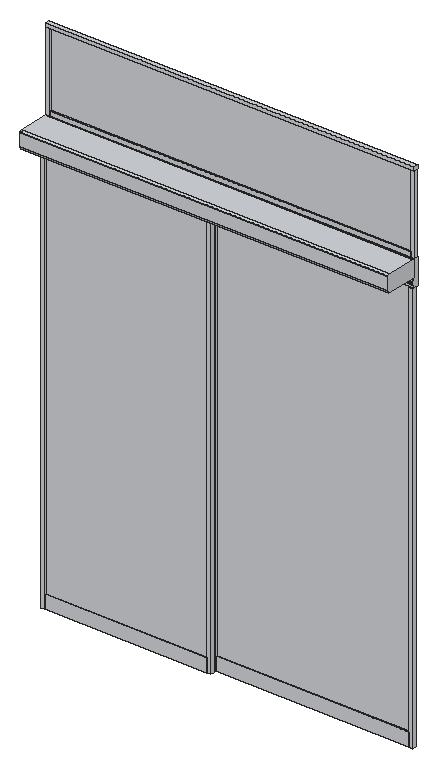
Revit family "SL510 Slim_SlimECO 1-Flg. m.Seitenteil – Laibungsmontage", category Türen, Revit 2018
Family settings
  Basisbauteil = Wand
  OmniClass-Nummer = 23.30.10.00
  OmniClass-Titel = Doors
  Immer vertikal = Ja
  Beim Laden mit Abzugskörper schneiden = Nein
  Gemeinsam genutzt = Nein
  Raumberechnungspunkt = Nein
Parameters (values of type "SL510 Slim_SlimECO 1-Flg. m.Seitenteil u.Oberlichte – Laibungsmontage")
  ohne Schutzflügel [instance] = if(or([Schutzflügel - drehbar], [Schutzflügel - drehbar + Bodenschloß], [Schutzflügel - schiebbar]), 1 = 0, 1 = 1)  # yes
  X [instance] = if(or([Schutzflügel - drehbar], [Schutzflügel - drehbar + Bodenschloß], [Schutzflügel - schiebbar]), 25 mm, 200 mm)  # 200 mm
  Warnung Abmessungen 4 [instance] = if(Oberlicht, if(Oberlicht Höhe < 250 mm, 1 = 1, if(Oberlicht Höhe > 1000 mm, 1 = 1, 1 = 0)), 1 = 0)  # no
  Warnung Abmessungen 3 [instance] = 1 = 0  # no
  Warnung Abmessungen 2 [instance] = if(Durchgangslichte Höhe < 1900 mm, 1 = 1, if(Durchgangslichte Höhe > 3000 mm, 1 = 1, 1 = 0))  # no
  Warnung Abmessungen 1 [instance] = if(Durchgangslichte Breite < 900 mm, 1 = 1, if(Durchgangslichte Breite > 1500 mm, 1 = 1, 1 = 0))  # no
  Wandaufbau Pfeilseite [instance] = 0 mm
  Wandaufbau Gegenseite [instance] = 0 mm
  Seitenteil Breite [instance] = CL - COW  # 1223 mm
  Schutzflügel - schiebbar [instance] = no
  Schutzflügel - drehbar + Bodenschloß [instance] = no
  Schutzflügel - drehbar [instance] = no
  SW [instance] = Seitenteil Breite  # 1223 mm
  SH [instance] = if(Oberlicht, Height - OH - 156 mm, Height - 156 mm)  # 2505 mm
  Rough Height [instance] = Höhe ab FBOK + Fußbodenaufbau  # 3361 mm
  Rough Width [instance] = Width + Montagefuge Breite  # 2231 mm
  Rahmen [instance] = none
  PSFW [instance] = COW + 95 mm  # 1095 mm
  PSFH [instance] = COH + 55 mm  # 2555 mm
  Oberlicht zweigeteilt = no
  Oberlicht Höhe = 500 mm
  Oberlicht = yes
  OH = if(Oberlicht Höhe < 250 mm, 250 mm, if(Oberlicht Höhe > 1000 mm, 1000 mm, Oberlicht Höhe))  # 500 mm
  Montagefuge Breite = 5 mm
  Kollisionskörper = no
  IFC_Widerstandsklasse = " "  # constant formula
  IFC_Selbstschliessend [instance] = 1 = 0  # no
  IFC_Schallschutzklasse = 0  # constant formula
  IFC_Rauchschutz [instance] = 1 = 0  # no
  IFC_Notausgang [instance] = no
  IFC_Luftdurchlässigkeit = 0  # constant formula
  IFC_Glasflächenanteil = 0  # constant formula
  IFC_Behindertengerecht [instance] = no
  IFC_Beanspruchungsklasse = " "  # constant formula
  IFC_Antrieb [instance] = 1 = 1  # yes
  Höhe ab FBOK berechnen = yes
  Höhe ab FBOK [instance] = if(Oberlicht, OH + COH + 156 mm + Montagefuge Breite, COH + 156 mm + Montagefuge Breite)  # 3161 mm
  Height [instance] = if(Höhe ab FBOK berechnen, Höhe ab FBOK, Rough Height)  # 3161 mm
  Glasstärke = 8 mm
  Glas [instance] = none
  Fußbodenaufbau [instance] = 200 mm
  Freiraum [instance] = COW + DW + X  # 2228 mm
  Familienversion = "1.0"  # constant formula
  Durchgangslichte Höhe [instance] = 2500 mm
  Durchgangslichte Breite [instance] = 1000 mm
  Wandabschluss = Nach Basisbauteil
  DW [instance] = COW + 28 mm  # 1028 mm
  DH [instance] = COH + 55 mm  # 2555 mm
  COW [instance] = if(Durchgangslichte Breite < 900 mm, 900 mm, if(Durchgangslichte Breite > 1500 mm, 1500 mm, Durchgangslichte Breite))  # 1000 mm
  COH [instance] = if(Durchgangslichte Höhe < 1900 mm, 1900 mm, if(Durchgangslichte Höhe > 3000 mm, 3000 mm, Durchgangslichte Höhe))  # 2500 mm
  CL [instance] = if(or([Schutzflügel - drehbar], [Schutzflügel - drehbar + Bodenschloß], [Schutzflügel - schiebbar]), 2 * COW + 195 mm, 2 * COW + 223 mm)  # 2223 mm
  CH [instance] = DH + 13 mm  # 2568 mm
  Width [instance] = COW + SW + 3 mm  # 2226 mm
  Antrieb [instance] = none
Types (3, lengths in mm): name | Rough Height | Oberlicht zweigeteilt | Oberlicht Höhe | Oberlicht | OH | Höhe ab FBOK | Height
  (no name) | 3361 | no | 500 | yes | 500 | 3161 | 3161
  SL510 Slim_SlimECO 1-Flg. m.Seitenteil u.Oberlichte – Laibungsmontage | 3361 | no | 500 | yes | 500 | 3161 | 3161
  SL510 Slim_SlimECO 1-Flg. m.Seitenteil – Laibungsmontage | 2861 | yes | 0 | no | 250 | 2661 | 2661
Reference planes
  plane 1: y = 0
  plane 2 "Mitte (Links/rechts)": x = 0
  plane 3 "Links": x = -1115.5
  plane 4 "Rechts": x = 1115.5
  plane 5: z = 3161
  plane 6 "außen": y = 75
  plane 7 "Innen": y = -75
  plane 8 "D CL": y = 10.5
  plane 9 "D L": x = -1108.5
  plane 10: z = 8
  plane 11 "COW L": x = -1112.5
  plane 12 "COW R": x = -112.5
  plane 13 "CH": z = 2568
  plane 14 "COH": z = 2500
  plane 15: z = 2656
  plane 16 "Wandaufbau Innen": y = -75
  plane 17 "Wandaufbau Außen": y = 75
  plane 18: x = 915.5
  plane 19: x = 1110.5
  plane 20: z = 3156
  plane 21 "Basis": z = 0
  plane 22 "RD OK": z = -200
  plane 23: y = 43
  plane 24 "Sicherheitsabstand": x = 1115.5
Lines and regions (mm)
  Opening 1
    outline origin (-5000, -75, 0) x (1, 0, 0) y (0, 0, 1)
      loop
        line (3884.5, 3161) -> (3884.5, -200) -> (6115.5, -200) -> (6115.5, 3161) -> (3884.5, 3161)
  symbolic lines, style "DoorsHiddenLines", detail levels medium+fine
    curve 1: line (-1115.5, 75, 0) -> (1115.5, 75, 0)
    curve 5: line (-1115.5, -75, 0) -> (1115.5, -75, 0)
  symbolic lines, style "DoorsHiddenLines"
    curve 2: line (-80.5, 20.5, 0) -> (915.5, 20.5, 0)
    curve 3: line (915.5, 20.5, 0) -> (915.5, 0.5, 0)
    curve 4: line (915.5, 0.5, 0) -> (-80.5, 0.5, 0)
    curve 6: line (1115.5, 35.5, 0) -> (1115.5, 65.5, 0)
Text (mm)
  text "Exterior" at (-2295.016, 1099.543, 0), in view "Ref.-Ebene"
  text "Exterior" at (0, 1615.38, 3698.081), in view "Links"
  text "Exterior" at (0, 1036.032, 3874.932), in view "Rechts"
Dimensions and locks
  equal spacing: plane 3 "Links", plane 2 "Mitte (Links/rechts)", plane 4 "Rechts"
  "Rough Width": plane 3 "Links" to plane 4 "Rechts"
  "Höhe ab FBOK": level to plane 5
  locked: plane 6 "außen" to host wall at 0
  locked: plane 7 "Innen" to host wall
  locked: plane 3 "Links" to plane 9 "D L" at 7
  "CH": plane 13 "CH" to level
  locked: plane 3 "Links" to plane 11 "COW L" at 3
  "COW": plane 11 "COW L" to plane 12 "COW R"
  locked: plane 10 to level at 8
  "COH": plane 14 "COH" to level
  "Wandaufbau Pfeilseite": plane 16 "Wandaufbau Innen" to plane 7 "Innen"
  "Wandaufbau Gegenseite": plane 17 "Wandaufbau Außen" to plane 6 "außen"
  "DW": plane 12 "COW R" to plane 18
  "Montagefuge Breite": plane 19 to plane 4 "Rechts"
  "Montagefuge Breite": plane 5 to plane 20
  "Fußbodenaufbau": level to plane 22 "RD OK"
  locked: plane 17 "Wandaufbau Außen" to plane 8 "D CL" at 64.5
  locked: nested 4 to plane 17 "Wandaufbau Außen" at 16
  plane 17 "Wandaufbau Außen" to plane 23 = 32 mm
  "X": plane 18 to plane 24 "Sicherheitsabstand"
  aligned and locked: plane 1 to host wall
  aligned and locked: nested 1 to plane 8 "D CL"
  aligned and locked: plane 5 to Opening 1 sketch curve
  aligned and locked: plane 4 "Rechts" to Opening 1 sketch curve
  aligned and locked: Opening 1 sketch curve to plane 3 "Links"
  aligned and locked: nested 3 to plane 10  (x2)
  aligned and locked: plane 3 "Links" to nested 4
  aligned and locked: plane 9 "D L" to nested 1
  aligned and locked: curve 1 to plane 17 "Wandaufbau Außen"
  aligned and locked: plane 4 "Rechts" to curve 1
  aligned and locked: plane 3 "Links" to curve 1
  aligned and locked: plane 12 "COW R" to nested 5
  aligned and locked: plane 19 to nested 3
  aligned and locked: curve 4 to nested 1  (x2)
  aligned and locked: nested 1 to curve 2
  aligned and locked: nested 4 to plane 20
  aligned and locked: plane 22 "RD OK" to Opening 1 sketch curve
  aligned and locked: plane 11 "COW L" to nested 2
  aligned and locked: plane 17 "Wandaufbau Außen" to nested 2
  aligned and locked: nested 3 to plane 23
  aligned and locked: plane 4 "Rechts" to curve 5
  aligned and locked: nested 5 to plane 23
  aligned and locked: nested 7 to plane 12 "COW R"
  aligned and locked: nested 7 to plane 11 "COW L"
  aligned and locked: nested 7 to plane 24 "Sicherheitsabstand"
  aligned and locked: nested 7 to plane 8 "D CL"
Automatic sketch dimensions
  curve 5 to plane 3 "Links" = 0 mm
  plane 16 "Wandaufbau Innen" to curve 5 = 0 mm
  plane 8 "D CL" to curve 2 = 10 mm
  curve 6 to plane 16 "Wandaufbau Innen" = 110.5 mm
  curve 6 to plane 16 "Wandaufbau Innen" = 140.5 mm
  curve 3 to plane 18 = 0 mm
  curve 6 to plane 24 "Sicherheitsabstand" = 0 mm
Nested families
  nested 1: "Flügel" at (-594.5, 10.5, 0), type "Flügel"
    with Aufkleber rechte Seite yes, Aufkleber linke Seite no, Height 3161 mm, DW 1028 mm, DH 2555 mm
  nested 2: "Antrieb_SL510_Träger_1_Flügel" at (687.5, 43, 0), type "Antrieb_SL510_Träger_1_Flügel"
    with Rough Width 2008 mm, Freiraum 2228 mm, CL 2223 mm, CH 2568 mm
  nested 3: "Seitenlicht_Träger" at (499, 63, 0), type "Seitenlicht_Träger"
    with SW 1223 mm, Height 3000 mm
  nested 4: "Oberlicht" at (-2.5, 59, 656), visible <- "Oberlicht", type "Oberlicht"
    with Oberlicht zweiteilig ausgeführt no, Oberlicht zweigeteilt no, Oberlicht einteilig ausgeführt yes, OW 2226 mm
  nested 5: "Sicherheitsflügel" at (497.5, 63.5, 0), type "Sicherheitsflügel"
    with Schutzflügel - schiebbar no, Schutzflügel - drehbar + Bodenschloß no, Schutzflügel - drehbar no, PSFW 1095 mm, PSFH 2555 mm, Height 2513 mm
  nested 6: "Warnung" at (-751, -825, 0), type "Warnung"
  nested 7: "Kollisionskörper_1" at (-112.5, 10.5, 0), visible <- "Kollisionskörper", type "Kollisionskörper_1"
    with Height 2000 mm, built-in parameter 1001302 20 mm, Width 2228 mm, Schutzflügel - schiebbar no, Schutzflügel - drehbar + Bodenschloß no, Schutzflügel - drehbar no, PSFH 2555 mm, COH 2500 mm
Definition of nested family "Flügel"
  Parameters (values of type "Flügel")
    Rahmen = none
    Height = 2500 mm
    Glasstärke = 8 mm
    Glas = none
    Familienversion = "1.0"  # constant formula
    DW = 1026 mm
    DH = 2510 mm
    Aufkleber rechte Seite [instance] = yes
    Aufkleber linke Seite [instance] = yes
    Analytic Construction = "<Keine Auswahl>"
  Reference planes
    plane 1 "Mitte (Vorne/hinten)": y = 0
    plane 2: z = 0
    plane 3 "Mitte (Links/rechts)": x = 0
    plane 4 "Links": x = -513
    plane 5 "Rechts": x = 513
    plane 6 "Oben": z = 2500
    plane 7 "Pfeil": y = -110
    plane 8: z = 8
    plane 9 "D Außen": y = 10
    plane 10 "D Innen": y = -10
    plane 11 "Glas Außen": y = 6
    plane 12 "DH": z = 2518
    plane 13: x = -256.5
    plane 14 "Pfeil Außen": y = 6
  Forms (mm)
    Sweep 1, solid, material <- "Rahmen", detail levels medium+fine
      path origin (0, 0, 0) x (1, 0, 0) y (0, 0, 1)
        loop
          line (-490, 2518) -> (490, 2518)
      profile "Flügel_Oberteil : Flügel_Oberteil" origin (0, 0, 2518) x (0, 0, 1) y (0, -1, 0)
        loop
          line (0, -22.5) -> (0, 22.5) -> (-3, 22.5) -> (-3, 19.5) -> (-14, 19.5) -> (-14, 15)
          arc (-14, 15) -> (-15.464, 11.464) -> (-19, 10) r 5
          line (-19, 10) -> (-68, 10) -> (-68, -10) -> (-19, -10)
          arc (-19, -10) -> (-15.464, -11.464) -> (-14, -15) r 5
          line (-14, -15) -> (-14, -19.5) -> (-3, -19.5) -> (-3, -22.5) -> (0, -22.5)
    Sweep 2, solid, material <- "Rahmen", detail levels medium+fine
      path origin (0, 0, 0) x (1, 0, 0) y (0, 0, 1)
        loop
          line (-490, 0) -> (490, 0)
      profile "Flügel_Unterteil : Flügel_Unterteil" origin (0, 0, 0) x (0, 0, 1) y (0, -1, 0)
        loop
          line (88, -10) -> (88, 10) -> (8, 10) -> (8, -10) -> (88, -10)
    Sweep 3, solid, material <- "Rahmen", detail levels medium+fine
      path origin (0, 0, 0) x (1, 0, 0) y (0, 0, 1)
        loop
          line (-513, 8) -> (-513, 2518)
      profile "Flügel_Seitenteil : Flügel_Seitenteil" origin (-513, 0, 1263) x (-1, 0, 0) y (0, -1, 0)
        loop
          line (-23, 10) -> (-23, -10) -> (0, -10) -> (0, 10) -> (-23, 10)
    Sweep 4, solid, material <- "Rahmen", detail levels medium+fine
      path origin (0, 0, 0) x (1, 0, 0) y (0, 0, 1)
        loop
          line (513, 8) -> (513, 2518)
      profile "Flügel_Seitenteil : Flügel_Seitenteil" origin (513, 0, 1263) x (-1, 0, 0) y (0, -1, 0)
        loop
          line (23, 10) -> (0, 10) -> (0, -10) -> (23, -10) -> (23, 10)
    Extrusion 5, solid, material <- "Glas", detail levels medium+fine
      sketch origin (0, 6, 0) x (1, 0, 0) y (0, 0, 1)
        loop
          line (-490, 2450) -> (-490, 88) -> (490, 88) -> (490, 2450) -> (-490, 2450)
      from 0 to 8 <- "Glasstärke"
    Extrusion 6, solid, material <- "Rahmen", detail levels coarse
      sketch origin (0, 0, 0) x (1, 0, 0) y (0, 0, 1)
        loop
          line (-513, 8) -> (513, 8) -> (513, 2518) -> (-513, 2518) -> (-513, 8)
      from -10 to 10
  Lines and regions (mm)
    symbolic lines
      curve 1: line (-185, -110, 0) -> (65, -110, 0)
      curve 2: line (65, -142.154, 0) -> (185, -110, 0)
      curve 3: line (65, -77.846, 0) -> (65, -142.154, 0)
      curve 4: line (65, -77.846, 0) -> (185, -110, 0)
      curve 5: line (-240, -110, 1259) -> (120, -110, 1259)
      curve 6: line (120, -110, 1226.846) -> (120, -110, 1291.154)
      curve 7: line (240, -110, 1259) -> (120, -110, 1226.846)
      curve 8: line (240, -110, 1259) -> (120, -110, 1291.154)
  Dimensions and locks
    "Height": plane 6 "Oben" to level
    equal spacing: plane 5 "Rechts", plane 3 "Mitte (Links/rechts)", plane 4 "Links"
    "DW": plane 4 "Links" to plane 5 "Rechts"
    locked: Extrusion 6 sketch curve to level at 8
    locked: plane 8 to level at 8
    locked: plane 11 "Glas Außen" to plane 9 "D Außen" at 4
    "DH": plane 12 "DH" to plane 8
    plane 12 "DH" to level = 2518 mm
    equal spacing: plane 12 "DH", curve 5, level
    equal spacing: plane 4 "Links", plane 13, plane 3 "Mitte (Links/rechts)"
    aligned and locked: level to plane 2
    aligned and locked: Sweep 3 sketch curve to plane 4 "Links"
    aligned and locked: Sweep 1 to Sweep 3 sketch curve
    aligned and locked: Sweep 3 sketch curve to Sweep 2
    aligned and locked: Sweep 4 sketch curve to plane 5 "Rechts"
    aligned and locked: Sweep 4 sketch curve to Sweep 1
    aligned and locked: Sweep 2 to Sweep 4 sketch curve
    aligned and locked: Extrusion 5 sketch curve to Sweep 1
    aligned and locked: Extrusion 5 sketch curve to Sweep 2  (x2)
    aligned and locked: Extrusion 6 sketch curve to Sweep 3
    aligned and locked: Extrusion 6 sketch curve to Sweep 4  (x2)
    aligned and locked: Extrusion 6 to Sweep 3  (x2)
    aligned and locked: Sweep 3 to Extrusion 5 sketch curve
    aligned and locked: plane 9 "D Außen" to Extrusion 6
    aligned and locked: plane 10 "D Innen" to Extrusion 6
    aligned and locked: plane 12 "DH" to Sweep 1
    aligned and locked: Sweep 1 sketch curve to plane 12 "DH"
    aligned and locked: plane 14 "Pfeil Außen" to plane 11 "Glas Außen"
    aligned and locked: nested 1 to plane 14 "Pfeil Außen"
    aligned and locked: nested 2 to plane 14 "Pfeil Außen"
  Automatic sketch dimensions
    Sweep 2 sketch curve to level = 0 mm
    Sweep 2 sketch curve to plane 4 "Links" = 23 mm
    plane 5 "Rechts" to Sweep 2 sketch curve = 23 mm
    plane 5 "Rechts" to Sweep 1 sketch curve = 23 mm
    Sweep 1 sketch curve to plane 4 "Links" = 23 mm
    curve 1 to plane 7 "Pfeil" = 0 mm
    curve 2 to plane 7 "Pfeil" = 0 mm
    plane 3 "Mitte (Links/rechts)" to curve 4 = 185 mm
    curve 3 to plane 7 "Pfeil" = 32.154 mm
    plane 3 "Mitte (Links/rechts)" to curve 3 = 65 mm
    plane 7 "Pfeil" to curve 3 = 32.154 mm
    curve 1 to plane 3 "Mitte (Links/rechts)" = 185 mm
    curve 5 to plane 3 "Mitte (Links/rechts)" = 240 mm
    curve 6 to curve 5 = 32.154 mm
    curve 5 to curve 6 = 32.154 mm
    curve 7 to curve 5 = 0 mm
    plane 3 "Mitte (Links/rechts)" to curve 8 = 120 mm
    plane 3 "Mitte (Links/rechts)" to curve 8 = 240 mm
  Nested families
    nested 1: "Pfeil_Aufkleber" at (-319.498, 2, 1500) x (-1, 0, 0) z (0, 0, 1), visible <- "Aufkleber rechte Seite", type "Pfeil_Aufkleber", detail levels medium+fine
    nested 2: "Pfeil_Aufkleber" at (-319.498, 2, 1500) x (-1, 0, 0) z (0, 0, 1), visible <- "Aufkleber linke Seite", type "Pfeil_Aufkleber", detail levels medium+fine
  Definition of nested family "Pfeil_Aufkleber"
    Parameters (values of type "Pfeil_Aufkleber")
      Familienversion = "1.0"  # constant formula
      Thickness = 8 mm
      Analytic Construction = "<Keine Auswahl>"
    Reference planes
      plane 1 "Mitte (Vorne/hinten)": y = 0
      plane 2: z = 0
      plane 3 "Mitte (Links/rechts)": x = 0
      plane 4 "Innen": y = -4
      plane 5 "Außen": y = 4
    Dimensions and locks
      equal spacing: plane 5 "Außen", plane 1 "Mitte (Vorne/hinten)", plane 4 "Innen"
      "Thickness": plane 5 "Außen" to plane 4 "Innen"
      aligned and locked: level to plane 2
      aligned and locked: plane 3 "Mitte (Links/rechts)" to nested 1
      aligned and locked: nested 1 to plane 2
      aligned and locked: nested 2 to plane 3 "Mitte (Links/rechts)"
      aligned and locked: nested 2 to plane 2
    Nested families
      nested 1: "Aufkleber" at (0, -4, 0) x (1, 0, 0) z (0, -1, 0), type "Aufkleber"
        with Vorderseite yes, Rückseite no
      nested 2: "Aufkleber" at (0, 4, 0) x (-1, 0, 0) z (0, 1, 0), type "Aufkleber"
        with Vorderseite no, Rückseite yes
    Definition of nested family "Aufkleber"
      Parameters (values of type "Aufkleber")
        Default Elevation = 1219.2 mm
        Vorderseite [instance] = yes
        Rückseite [instance] = yes
        Familienversion = "1.0"  # constant formula
        Analytic Construction = "<Keine Auswahl>"
      Reference planes
        plane 1 "Mitte (Vorne/hinten)": y = 0
        plane 2: z = 0
        plane 3 "Mitte (Links/rechts)": x = 0
      Lines and regions (mm)
        model lines, visible <- "Rückseite"
          curve 1: arc (-92.642, -15.384, 0) -> (-93.502, -17.51, 0) -> (-92.628, -19.631, 0) r 3.034
          curve 2: line (-79.836, -2.384, 0) -> (-92.652, -15.374, 0)
          curve 3: arc (-74.141, -0.002, 0) -> (-77.228, -0.622, 0) -> (-79.836, -2.384, 0) r 8
          curve 4: line (-23.502, -0.002, 0) -> (-74.141, -0.002, 0)
          curve 5: arc (-20.502, -3.002, 0) -> (-21.381, -0.881, 0) -> (-23.502, -0.002, 0) r 3
          curve 6: line (-20.502, -31.998, 0) -> (-20.502, -3.002, 0)
          curve 7: arc (-23.502, -34.998, 0) -> (-21.381, -34.12, 0) -> (-20.502, -31.998, 0) r 3
          curve 8: line (-74.141, -34.998, 0) -> (-23.502, -34.998, 0)
          curve 9: arc (-79.836, -32.617, 0) -> (-77.227, -34.379, 0) -> (-74.141, -34.998, 0) r 8
          curve 10: line (-92.637, -19.641, 0) -> (-79.836, -32.617, 0)
          curve 11: line (17.507, 0, 0) -> (-11.51, 0, 0)
          curve 12: arc (-11.51, 0, 0) -> (-13.624, -0.881, 0) -> (-14.502, -2.996, 0) r 3.003
          curve 13: line (-14.502, -2.996, 0) -> (-14.502, -31.991, 0)
          curve 14: arc (-14.502, -31.991, 0) -> (-13.628, -34.115, 0) -> (-11.51, -35, 0) r 3.002
          curve 15: line (-11.51, -35, 0) -> (17.507, -35, 0)
          curve 16: arc (17.507, -35, 0) -> (19.62, -34.119, 0) -> (20.498, -32.004, 0) r 3.002
          curve 17: line (20.498, -32.004, 0) -> (20.498, -2.996, 0)
          curve 18: arc (20.498, -2.996, 0) -> (19.62, -0.881, 0) -> (17.507, 0, 0) r 3.003
          curve 19: line (49.498, 0, 0) -> (32.498, 0, 0)
          curve 20: arc (32.498, 0, 0) -> (30.377, -0.879, 0) -> (29.498, -3, 0) r 3
          curve 21: line (29.498, -3, 0) -> (29.498, -32, 0)
          curve 22: arc (29.498, -32, 0) -> (30.377, -34.121, 0) -> (32.498, -35, 0) r 3
          curve 23: line (32.498, -35, 0) -> (49.498, -35, 0)
          curve 24: arc (49.498, -35, 0) -> (51.619, -34.121, 0) -> (52.498, -32, 0) r 3
          curve 25: line (52.498, -32, 0) -> (52.498, -3, 0)
          curve 26: arc (52.498, -3, 0) -> (51.619, -0.879, 0) -> (49.498, 0, 0) r 3
          curve 27: line (64.498, -3, 0) -> (64.498, -32, 0)
          curve 28: arc (67.498, 0, 0) -> (65.377, -0.879, 0) -> (64.498, -3, 0) r 3
          curve 29: line (74.143, 0, 0) -> (67.498, 0, 0)
          curve 30: arc (79.84, -2.384, 0) -> (77.23, -0.62, 0) -> (74.143, 0, 0) r 8
          curve 31: line (92.625, -15.352, 0) -> (79.84, -2.384, 0)
          curve 32: arc (92.626, -19.627, 0) -> (93.498, -17.492, 0) -> (92.615, -15.362, 0) r 3.029
          curve 33: line (79.839, -32.616, 0) -> (92.636, -19.637, 0)
          curve 34: arc (74.142, -35, 0) -> (77.23, -34.38, 0) -> (79.839, -32.616, 0) r 8
          curve 35: line (67.498, -35, 0) -> (74.142, -35, 0)
          curve 36: arc (64.498, -32, 0) -> (65.377, -34.121, 0) -> (67.498, -35, 0) r 3
        model lines, visible <- "Vorderseite"
          curve 37: arc (-92.639, -15.386, 0) -> (-93.498, -17.509, 0) -> (-92.626, -19.627, 0) r 3.029
          curve 38: line (-79.84, -2.384, 0) -> (-92.649, -15.376, 0)
          curve 39: arc (-74.143, 0, 0) -> (-77.23, -0.62, 0) -> (-79.84, -2.384, 0) r 8
          curve 40: line (-67.498, 0, 0) -> (-74.143, 0, 0)
          curve 41: arc (-64.498, -3, 0) -> (-65.377, -0.879, 0) -> (-67.498, 0, 0) r 3
          curve 42: line (-64.498, -32, 0) -> (-64.498, -3, 0)
          curve 43: arc (-67.498, -35, 0) -> (-65.377, -34.121, 0) -> (-64.498, -32, 0) r 3
          curve 44: line (-74.142, -35, 0) -> (-67.498, -35, 0)
          curve 45: arc (-79.839, -32.616, 0) -> (-77.23, -34.38, 0) -> (-74.142, -35, 0) r 8
          curve 46: line (-92.636, -19.637, 0) -> (-79.839, -32.616, 0)
          curve 47: line (-52.498, -3, 0) -> (-52.498, -32, 0)
          curve 48: arc (-52.498, -32, 0) -> (-51.619, -34.121, 0) -> (-49.498, -35, 0) r 3
          curve 49: line (-49.498, -35, 0) -> (-32.498, -35, 0)
          curve 50: arc (-32.498, -35, 0) -> (-30.377, -34.121, 0) -> (-29.498, -32, 0) r 3
          curve 51: line (-29.498, -32, 0) -> (-29.498, -3, 0)
          curve 52: arc (-29.498, -3, 0) -> (-30.377, -0.879, 0) -> (-32.498, 0, 0) r 3
          curve 53: line (-32.498, 0, 0) -> (-49.498, 0, 0)
          curve 54: arc (-49.498, 0, 0) -> (-51.619, -0.879, 0) -> (-52.498, -3, 0) r 3
          curve 55: line (-20.498, -2.996, 0) -> (-20.498, -32.004, 0)
          curve 56: arc (-20.498, -32.004, 0) -> (-19.62, -34.119, 0) -> (-17.507, -35, 0) r 3.002
          curve 57: line (-17.507, -35, 0) -> (11.51, -35, 0)
          curve 58: arc (11.51, -35, 0) -> (13.628, -34.115, 0) -> (14.502, -31.991, 0) r 3.002
          curve 59: line (14.502, -31.991, 0) -> (14.502, -2.996, 0)
          curve 60: arc (14.502, -2.996, 0) -> (13.624, -0.881, 0) -> (11.51, 0, 0) r 3.003
          curve 61: line (11.51, 0, 0) -> (-17.507, 0, 0)
          curve 62: arc (-17.507, 0, 0) -> (-19.62, -0.881, 0) -> (-20.498, -2.996, 0) r 3.003
          curve 63: arc (92.628, -19.631, 0) -> (93.502, -17.494, 0) -> (92.619, -15.36, 0) r 3.034
          curve 64: line (92.628, -15.35, 0) -> (79.836, -2.384, 0)
          curve 65: arc (79.836, -2.384, 0) -> (77.228, -0.622, 0) -> (74.141, -0.002, 0) r 8
          curve 66: line (74.141, -0.002, 0) -> (23.502, -0.002, 0)
          curve 67: arc (23.502, -0.002, 0) -> (21.381, -0.881, 0) -> (20.502, -3.002, 0) r 3
          curve 68: line (20.502, -3.002, 0) -> (20.502, -31.998, 0)
          curve 69: arc (20.502, -31.998, 0) -> (21.381, -34.12, 0) -> (23.502, -34.998, 0) r 3
          curve 70: line (23.502, -34.998, 0) -> (74.141, -34.998, 0)
          curve 71: arc (74.141, -34.998, 0) -> (77.227, -34.379, 0) -> (79.836, -32.617, 0) r 8
          curve 72: line (79.836, -32.617, 0) -> (92.637, -19.641, 0)
      Dimensions and locks
        aligned and locked: level to plane 2
Definition of nested family "Antrieb_SL510_Träger_1_Flügel"
  Parameters (values of type "Antrieb_SL510_Träger_1_Flügel")
    ohne Schutzflügel = yes
    Rough Width = 4800 mm
    Projektion = if(ohne Schutzflügel, 1 = 0, 1 = 1)  # no
    Freiraum = 4000 mm
    Familienversion = "1.0"  # constant formula
    CL = 3600 mm
    CH = 2100 mm
    Antrieb = none
  Reference planes
    plane 1 "Mitte (Vorne/hinten)": y = 0
    plane 2: z = 0
    plane 3 "Mitte (Links/rechts)": x = 0
    plane 4 "Links": x = -1800
    plane 5: y = -198
    plane 6 "CH": z = 2100
    plane 7 "CL R": x = 1800
    plane 8: z = 2187
    plane 9: y = -276
    plane 10: z = 2064
    plane 11: y = -276
    plane 12: y = -542.5
    plane 13: x = 2200
  Forms (mm)
    Sweep 1, solid, material <- "Antrieb", detail levels medium+fine
      path origin (0, 0, 2100) x (0, 1, 0) y (-1, 0, 0)
        loop
          line (0, 1798) -> (0, -1798)
      profile "SL510 : SL510" origin (0, 0, 2100) x (0, 1, 0) y (0, 0, 1)
        loop
          line (0, 85.95) -> (-2.514, 88.45) -> (-181.354, 87.464) -> (-195.4, 85.46) -> (-195.4, 81.902) -> (-197.88, 77.845) -> (-197.88, 1.901) -> (-190.917, -12) -> (-74.88, -12) -> (-74.88, 26.397) -> (0, 26.397) -> (0, 85.95)
    Extrusion 2, solid, material <- "Antrieb", detail levels medium+fine
      sketch origin (-1800, 0, 0) x (0, -1, 0) y (0, 0, 1)
        loop
          line (195.4, 2185.46) -> (181.354, 2187.464) -> (2.514, 2188.45) -> (0, 2185.95) -> (0, 2088) -> (190.917, 2088) -> (197.88, 2101.901) -> (197.88, 2177.845) -> (195.4, 2181.902) -> (195.4, 2185.46)
      from 0 to -2
    Extrusion 3, solid, material <- "Antrieb", detail levels medium+fine
      sketch origin (1800, 0, 0) x (0, -1, 0) y (0, 0, 1)
        loop
          line (181.354, 2187.464) -> (2.514, 2188.45) -> (0, 2185.95) -> (0, 2088) -> (190.917, 2088) -> (197.88, 2101.901) -> (197.88, 2177.845) -> (195.4, 2181.902) -> (195.4, 2185.46) -> (181.354, 2187.464)
      from 0 to 2
    Sweep 4, solid, material <- "Antrieb", detail levels coarse
      path origin (0, 0, 2100) x (0, 1, 0) y (-1, 0, 0)
        loop
          line (0, 1800) -> (0, -1800)
      profile origin (0, 0, 2100) x (0, 1, 0) y (0, 0, 1)
        loop
          line (32, 88) -> (-0.995, 88) -> (-0.995, -68) -> (32, -68) -> (32, 88)
    Sweep 5, solid, material <- "Antrieb", detail levels medium+fine
      path origin (0, 0, 2100) x (0, 1, 0) y (-1, 0, 0)
        loop
          line (0, -1800) -> (0, 1800)
      profile "SL510_Träger : SL510_Träger" origin (0, 0, 2100) x (0, -1, 0) y (0, 0, 1)
        loop
          line (-32, 88) -> (-32, -68) -> (0.995, -68) -> (0.995, -47) -> (3.335, -47)
          arc (3.335, -47) -> (4.501, -46.533) -> (5, -45.38) r 1.65
          line (5, -45.38) -> (5, -37.554)
          arc (5, -37.554) -> (4.764, -34.996) -> (4.095, -32.515) r 15
          line (4.095, -32.515) -> (0.905, -23.748)
          arc (0.905, -23.748) -> (0.229, -21.23) -> (0, -18.633) r 15
          line (0, -18.633) -> (0, 88) -> (-32, 88)
    Sweep 6, solid, material <- "Antrieb", detail levels coarse
      path origin (0, 0, 2100) x (0, 1, 0) y (-1, 0, 0)
        loop
          line (0, 1800) -> (0, -1800)
      profile origin (0, 0, 2100) x (0, 1, 0) y (0, 0, 1)
        loop
          line (-0.995, 88) -> (-197.88, 88) -> (-197.88, -12) -> (-0.995, -12) -> (-0.995, 88)
    Extrusion 7, void
      sketch origin (-1800, -0.995, 2088) x (-1, 0, 0) y (0, -1, 0)
        loop
          line (-3598, 73.885) -> (-3598, 0) -> (-2, 0) -> (-2, 73.885) -> (-3598, 73.885)
      from 0 to 38.397
  Cuts and joins
    Extrusion 7 cuts Sweep 1
    Extrusion 7 cuts Extrusion 2
    Extrusion 7 cuts Extrusion 3
    joined: Sweep 1, Extrusion 2, Extrusion 3
    Extrusion 7 cuts Sweep 4
    Extrusion 7 cuts Sweep 6
  Lines and regions (mm)
    symbolic lines, visible <- "Projektion"
      curve 1: line (-1800, 0, 2100) -> (-1800, -276, 2100)
      curve 2: line (-1800, -276, 2100) -> (1800, -276, 2100)
      curve 3: line (1800, -276, 2100) -> (1800, -0.995, 2100)
    model lines, not visible
      curve 4: line (0, 0, 2100) -> (0, 0, 0)
    symbolic lines, detail levels medium+fine
      curve 5: line (0, -198, 2187) -> (0, -261.859, 2187)
      curve 6: line (0, -261.859, 2187) -> (0, -276, 2179.917)
      curve 7: line (0, -276, 2179.917) -> (0, -276, 2064)
    symbolic lines, detail levels coarse
      curve 8: line (0, -198, 2187) -> (0, -276, 2187)
      curve 9: line (0, -276, 2187) -> (0, -276, 2064)
    symbolic lines, visible <- "ohne Schutzflügel"
      curve 10: line (-1800, 0, 2100) -> (-1800, -542.5, 2100)
      curve 11: line (-1800, -542.5, 2100) -> (2200, -542.5, 2100)
      curve 12: line (2200, -542.5, 2100) -> (2200, 0, 2100)
  Dimensions and locks
    "CL": plane 4 "Links" to plane 7 "CL R"
    plane 1 "Mitte (Vorne/hinten)" to plane 5 = 198 mm
    "CH": plane 6 "CH" to level
    plane 4 "Links" to plane 3 "Mitte (Links/rechts)" to plane 7 "CL R" = 1800 mm, 1800 mm
    locked: plane 5 to plane 9 at 78
    plane 8 to plane 6 "CH" = 87 mm
    locked: plane 8 to plane 10 at 123
    plane 5 to plane 11 = 78 mm
    plane 1 "Mitte (Vorne/hinten)" to plane 12 = 542.5 mm
    "Freiraum": plane 4 "Links" to plane 13
    aligned and locked: level to plane 2
    aligned and locked: Extrusion 2 to Sweep 1 sketch curve
    aligned and locked: Sweep 1 sketch curve to Extrusion 3
    aligned and locked: plane 1 "Mitte (Vorne/hinten)" to Sweep 4 sketch curve
    aligned and locked: plane 6 "CH" to Sweep 5 sketch curve
    aligned and locked: level to curve 4
    aligned and locked: plane 6 "CH" to curve 4
    aligned and locked: plane 4 "Links" to curve 1
    aligned and locked: Sweep 4 sketch curve to Sweep 5  (x4)
    aligned and locked: Sweep 5 sketch curve to plane 1 "Mitte (Vorne/hinten)"
    aligned and locked: plane 1 "Mitte (Vorne/hinten)" to Sweep 1 sketch curve
    aligned and locked: curve 3 to plane 7 "CL R"
    aligned and locked: plane 7 "CL R" to Sweep 6 sketch curve
    aligned and locked: curve 5 to plane 8
    aligned and locked: curve 7 to plane 9
    aligned and locked: plane 5 to curve 5
    aligned and locked: plane 10 to curve 7
    aligned and locked: curve 2 to plane 11
    aligned and locked: curve 8 to plane 8
    aligned and locked: plane 11 to curve 9
    aligned and locked: plane 10 to curve 9
    aligned and locked: plane 5 to curve 8
    aligned and locked: Extrusion 7 sketch curve to cut or joined group of Sweep 1, Extrusion 2, Extrusion 3, Extrusion 7  (x2)
    aligned and locked: cut or joined group of Sweep 1, Extrusion 2, Extrusion 3, Extrusion 7 to Extrusion 7 sketch curve
    aligned and locked: Sweep 6 to Extrusion 7 sketch curve
    aligned and locked: Extrusion 7 to Sweep 1
    aligned and locked: plane 4 "Links" to Sweep 5 sketch curve
    aligned and locked: plane 7 "CL R" to Sweep 5 sketch curve
    aligned and locked: curve 12 to plane 13
    aligned and locked: curve 11 to plane 12
    aligned and locked: plane 1 "Mitte (Vorne/hinten)" to curve 10
    aligned and locked: plane 1 "Mitte (Vorne/hinten)" to curve 12
    aligned and locked: plane 4 "Links" to Sweep 4 sketch curve
    aligned and locked: plane 7 "CL R" to Sweep 4 sketch curve
  Automatic sketch dimensions
    level to curve 4 = 0 mm
    curve 4 to plane 3 "Mitte (Links/rechts)" = 0 mm
    curve 4 to plane 6 "CH" = 0 mm
    plane 5 to Extrusion 2 sketch curve = 2.6 mm
    Extrusion 2 sketch curve to plane 1 "Mitte (Vorne/hinten)" = 0 mm
    plane 1 "Mitte (Vorne/hinten)" to Extrusion 2 sketch curve = 2.514 mm
    Extrusion 2 sketch curve to Extrusion 2 sketch curve = 14.046 mm
    plane 5 to Extrusion 2 sketch curve = 7.083 mm
    plane 5 to Extrusion 2 sketch curve = 0.12 mm
    Extrusion 2 sketch curve to plane 6 "CH" = 12 mm
    plane 6 "CH" to Extrusion 2 sketch curve = 1.901 mm
    Extrusion 2 sketch curve to Extrusion 2 sketch curve = 75.944 mm
    Extrusion 2 sketch curve to Extrusion 2 sketch curve = 4.056 mm
    Extrusion 2 sketch curve to Extrusion 2 sketch curve = 3.559 mm
    plane 6 "CH" to Extrusion 2 sketch curve = 85.95 mm
    Extrusion 2 sketch curve to Extrusion 2 sketch curve = 2.004 mm
    Extrusion 2 sketch curve to Extrusion 2 sketch curve = 2.5 mm
    plane 1 "Mitte (Vorne/hinten)" to Sweep 5 sketch curve = 0 mm
    Sweep 5 sketch curve to plane 4 "Links" = 0 mm
    plane 1 "Mitte (Vorne/hinten)" to Sweep 6 sketch curve = 0 mm
    Sweep 6 sketch curve to plane 4 "Links" = 0 mm
    plane 6 "CH" to Sweep 6 sketch curve = 88 mm
    profile plane to Sweep 6 sketch curve = 197.88 mm
    Sweep 6 sketch curve to plane 6 "CH" = 12 mm
    profile plane to Sweep 6 sketch curve = 0.995 mm
    Extrusion 3 sketch curve to plane 1 "Mitte (Vorne/hinten)" = 0 mm
    plane 1 "Mitte (Vorne/hinten)" to Extrusion 3 sketch curve = 2.514 mm
    plane 5 to Extrusion 3 sketch curve = 16.646 mm
    plane 5 to Extrusion 3 sketch curve = 7.083 mm
    plane 5 to Extrusion 3 sketch curve = 2.6 mm
    plane 5 to Extrusion 3 sketch curve = 0.12 mm
    Extrusion 3 sketch curve to plane 6 "CH" = 12 mm
    plane 6 "CH" to Extrusion 3 sketch curve = 1.901 mm
    Extrusion 3 sketch curve to Extrusion 3 sketch curve = 75.944 mm
    Extrusion 3 sketch curve to Extrusion 3 sketch curve = 4.056 mm
    Extrusion 3 sketch curve to Extrusion 3 sketch curve = 3.559 mm
    plane 6 "CH" to Extrusion 3 sketch curve = 85.95 mm
    Extrusion 3 sketch curve to Extrusion 3 sketch curve = 2.004 mm
    Extrusion 3 sketch curve to Extrusion 3 sketch curve = 2.5 mm
    curve 7 to plane 8 = 7.083 mm
    curve 6 to plane 9 = 14.141 mm
    plane 1 "Mitte (Vorne/hinten)" to curve 3 = 0.995 mm
Definition of nested family "Seitenlicht_Träger"
  Parameters (values of type "Seitenlicht_Träger")
    SW = 1000 mm
    Rahmen = none
    Height = 2513 mm
    Glasstärke = 8 mm
    Glas = none
    Familienversion = "1.0"  # constant formula
    COH = 2500 mm
  Reference planes
    plane 1 "Mitte (Vorne/hinten)": y = 20
    plane 2: z = 0
    plane 3 "Mitte (Links/rechts)": x = 0
    plane 4 "Links": x = -500
    plane 5 "Rechts": x = 500
    plane 6 "Oben": z = 2500
    plane 7 "ST CL": y = 12
    plane 8 "Glas Außen": y = 6
    plane 9: z = 8
    plane 10 "DH OK": z = 2570.5
  Forms (mm)
    Sweep 1, solid, material <- "Rahmen", detail levels medium+fine
      path origin (0, 12, 0) x (0, 0, -1) y (-1, 0, 0)
        loop
          line (0, 470) -> (0, -475)
      profile "Seitenlicht_Unterteil : Seitenlicht_Unterteil" origin (2.5, 12, 0) x (0, 0, 1) y (0, -1, 0)
        loop
          line (88, -10) -> (88, 10) -> (8, 10) -> (8, -10) -> (88, -10)
    Sweep 2, solid, material <- "Rahmen", detail levels medium+fine
      path origin (0, 12, 0) x (0, 0, -1) y (-1, 0, 0)
        loop
          line (-8, 500) -> (-2500, 500)
      profile "Seitenlicht_Verbindung : Seitenlicht_Verbindung" origin (-500, 12, 1254) x (-1, 0, 0) y (0, -1, 0)
        loop
          line (-30, 10) -> (-30, -10) -> (-22, -10) -> (-22, -26) -> (0, -26) -> (0, 10) -> (-30, 10)
    Sweep 3, solid, material <- "Rahmen", detail levels medium+fine
      path origin (0, 12, 0) x (0, 0, -1) y (-1, 0, 0)
        loop
          line (-8, -500) -> (-2500, -500)
      profile "Seitenlicht_Seitenteil : Seitenlicht_Seitenteil" origin (500, 12, 1254) x (-1, 0, 0) y (0, -1, 0)
        loop
          line (25, 12) -> (0, 12) -> (0, -12) -> (25, -12) -> (25, 12)
    Extrusion 4, solid, material <- "Glas", detail levels medium+fine
      sketch origin (0, 6, 0) x (-1, 0, 0) y (0, 0, 1)
        loop
          line (470, 2500) -> (-475, 2500) -> (-475, 88) -> (470, 88) -> (470, 2500)
      from 8 <- "Glasstärke" to 0
    Extrusion 5, solid, material <- "Glas", detail levels coarse
      sketch origin (0, 0, 0) x (1, 0, 0) y (0, 0, -1)
        loop
          line (-500, -2500) -> (500, -2500) -> (500, -8) -> (-500, -8) -> (-500, -2500)
      from 22 to 2
  Dimensions and locks
    equal spacing: plane 5 "Rechts", plane 3 "Mitte (Links/rechts)", plane 4 "Links"
    "SW": plane 4 "Links" to plane 5 "Rechts"
    locked: plane 8 "Glas Außen" to Extrusion 5 at 4
    locked: plane 9 to level at 8
    plane 10 "DH OK" to plane 9 = 2562.5 mm
    "COH": plane 6 "Oben" to level
    aligned and locked: level to plane 2
    aligned and locked: Sweep 1 to Sweep 3 sketch curve
    aligned and locked: Sweep 1 to Extrusion 4
    aligned and locked: Extrusion 5 sketch curve to Sweep 3
    aligned and locked: Sweep 3 to Extrusion 5 sketch curve
    aligned and locked: Sweep 2 to Extrusion 4
    aligned and locked: Sweep 3 to Extrusion 4
    aligned and locked: plane 9 to Sweep 2 sketch curve
    aligned and locked: plane 6 "Oben" to Extrusion 5  (x6)
    aligned and locked: Extrusion 5 sketch curve to plane 6 "Oben"
    aligned and locked: plane 6 "Oben" to Sweep 3 sketch curve
    aligned and locked: plane 6 "Oben" to Sweep 2 sketch curve
    aligned and locked: plane 6 "Oben" to Extrusion 4
    aligned and locked: Sweep 1 sketch curve to level
  Automatic sketch dimensions
    Sweep 1 sketch curve to plane 5 "Rechts" = 25 mm
    plane 4 "Links" to Sweep 1 sketch curve = 30 mm
    plane 4 "Links" to Sweep 2 sketch curve = 0 mm
    plane 5 "Rechts" to Sweep 3 sketch curve = 0 mm
    plane 4 "Links" to Extrusion 5 sketch curve = 0 mm
    plane 5 "Rechts" to Extrusion 4 sketch curve = 25 mm
    Extrusion 4 sketch curve to plane 4 "Links" = 30 mm
    level to Extrusion 4 sketch curve = 88 mm
    Extrusion 4 sketch curve to plane 6 "Oben" = 0 mm
Definition of nested family "Oberlicht"
  Parameters (values of type "Oberlicht")
    Rahmen = none
    Oberlicht zweiteilig ausgeführt = if(Oberlicht zweigeteilt, 1 = 1, OW > 3000 mm)  # yes
    Oberlicht zweigeteilt = yes
    Oberlicht einteilig ausgeführt = if(Oberlicht zweigeteilt, 1 = 0, OW < 3000.1 mm)  # no
    OW = 2500 mm
    OH = 500 mm
    Glasstärke = 8 mm
    Glas = none
    Familienversion = "1.0"  # constant formula
  Reference planes
    plane 1 "Mitte (Vorne/hinten)": y = 0
    plane 2 "OK Traeger": z = 2000
    plane 3 "Mitte (Links/rechts)": x = 0
    plane 4 "Links": x = -1250
    plane 5 "Rechts": x = 1250
    plane 6: z = 2500
    plane 7 "Glas Außen": y = 6
  Forms (mm)
    Sweep 1, solid, material <- "Rahmen", visible <- "Oberlicht einteilig ausgeführt", detail levels medium+fine
      path origin (0, 0, 2000) x (1, 0, 0) y (0, 1, 0)
        loop
          line (-1227, 0) -> (1227, 0)
      profile "Oberlicht_Unterteil : Oberlicht_Unterteil" origin (0, 0, 2000) x (0, 1, 0) y (0, 0, 1)
        loop
          line (-10, 29.973) -> (-10, 0) -> (10, 0) -> (10, 29.973) -> (-10, 29.973)
    Sweep 2, solid, material <- "Rahmen", detail levels medium+fine
      path origin (0, 0, 0) x (1, 0, 0) y (0, 0, 1)
        loop
          line (-1250, 2000) -> (-1250, 2475)
      profile "Oberlicht_Pfosten : Oberlicht_Pfosten" origin (-1250, 0, 2237.5) x (-1, 0, 0) y (0, -1, 0)
        loop
          line (-23, 10) -> (-23, -10) -> (0, -10) -> (0, 10) -> (-23, 10)
    Sweep 3, solid, material <- "Rahmen", detail levels medium+fine
      path origin (0, 0, 0) x (1, 0, 0) y (0, 0, 1)
        loop
          line (1250, 2000) -> (1250, 2475)
      profile "Oberlicht_Pfosten : Oberlicht_Pfosten" origin (1250, 0, 2237.5) x (-1, 0, 0) y (0, -1, 0)
        loop
          line (23, 10) -> (0, 10) -> (0, -10) -> (23, -10) -> (23, 10)
    Sweep 4, solid, material <- "Rahmen", detail levels medium+fine
      path origin (0, 0, 0) x (1, 0, 0) y (0, 0, 1)
        loop
          line (-1250, 2500) -> (1250, 2500)
      profile "Oberlicht_Oberteil : Oberlicht_Oberteil" origin (0, 0, 2500) x (0, 0, 1) y (0, -1, 0)
        loop
          line (0, 12.5) -> (-25, 12.5) -> (-25, -12.5) -> (0, -12.5) -> (0, 12.5)
    Extrusion 5, solid, material <- "Glas", visible <- "Oberlicht einteilig ausgeführt", detail levels medium+fine
      sketch origin (0, 6, 0) x (1, 0, 0) y (0, 0, 1)
        loop
          line (-1227, 2475) -> (-1227, 2029.973) -> (1227, 2029.973) -> (1227, 2475) -> (-1227, 2475)
      from 0 to 8 <- "Glasstärke"
    Extrusion 6, solid, material <- "Rahmen", detail levels coarse
      sketch origin (0, 0, 0) x (1, 0, 0) y (0, 0, 1)
        loop
          line (-1250, 2500) -> (-1250, 2000) -> (1250, 2000) -> (1250, 2500) -> (-1250, 2500)
      from -10 to 10
    Sweep 7, solid, material <- "Rahmen", visible <- "Oberlicht zweiteilig ausgeführt", detail levels medium+fine
      path origin (0, 0, 0) x (1, 0, 0) y (0, 0, 1)
        loop
          line (0, 2000) -> (0, 2475)
      profile "Oberlicht_Pfosten : Oberlicht_Pfosten" origin (0, 0, 2237.5) x (-1, 0, 0) y (0, -1, 0)
        loop
          line (23, 10) -> (0, 10) -> (0, -10) -> (23, -10) -> (23, 10)
    Sweep 8, solid, material <- "Rahmen", visible <- "Oberlicht zweiteilig ausgeführt", detail levels medium+fine
      path origin (0, 0, 0) x (-1, 0, 0) y (0, 0, 1)
        loop
          line (0, 2000) -> (0, 2475)
      profile "Oberlicht_Pfosten : Oberlicht_Pfosten" origin (0, 0, 2237.5) x (-1, 0, 0) y (0, -1, 0)
        loop
          line (-23, 10) -> (-23, -10) -> (0, -10) -> (0, 10) -> (-23, 10)
    Sweep 9, solid, material <- "Rahmen", visible <- "Oberlicht zweiteilig ausgeführt", detail levels medium+fine
      path origin (0, 0, 2000) x (1, 0, 0) y (0, 1, 0)
        loop
          line (-1227, 0) -> (-23, 0)
      profile "Oberlicht_Unterteil : Oberlicht_Unterteil" origin (-625, 0, 2000) x (0, 1, 0) y (0, 0, 1)
        loop
          line (-10, 29.973) -> (-10, 0) -> (10, 0) -> (10, 29.973) -> (-10, 29.973)
    Sweep 10, solid, material <- "Rahmen", visible <- "Oberlicht zweiteilig ausgeführt", detail levels medium+fine
      path origin (1795, 0, 2000) x (1, 0, 0) y (0, 1, 0)
        loop
          line (-1772, 0) -> (-568, 0)
      profile "Oberlicht_Unterteil : Oberlicht_Unterteil" origin (625, 0, 2000) x (0, 1, 0) y (0, 0, 1)
        loop
          line (-10, 29.973) -> (-10, 0) -> (10, 0) -> (10, 29.973) -> (-10, 29.973)
    Extrusion 11, solid, material <- "Glas", visible <- "Oberlicht zweiteilig ausgeführt", detail levels medium+fine
      sketch origin (0, 6, 0) x (1, 0, 0) y (0, 0, 1)
        loop
          line (-1227, 2475) -> (-1227, 2029.973) -> (-23, 2029.973) -> (-23, 2475) -> (-1227, 2475)
      from 0 to 8 <- "Glasstärke"
    Extrusion 12, solid, material <- "Glas", visible <- "Oberlicht zweiteilig ausgeführt", detail levels medium+fine
      sketch origin (1495, 6, 0) x (1, 0, 0) y (0, 0, 1)
        loop
          line (-1472, 2475) -> (-1472, 2029.973) -> (-268, 2029.973) -> (-268, 2475) -> (-1472, 2475)
      from 0 to 8 <- "Glasstärke"
  Dimensions and locks
    equal spacing: plane 4 "Links", plane 3 "Mitte (Links/rechts)", plane 5 "Rechts"  (x2)
    "OW": plane 4 "Links" to plane 5 "Rechts"
    locked: Sweep 1 to plane 7 "Glas Außen" at 4
    "OH": plane 6 to plane 2 "OK Traeger"
    plane 4 "Links" to plane 5 "Rechts" = 2500 mm
    aligned and locked: plane 1 "Mitte (Vorne/hinten)" to Sweep 1 sketch curve
    aligned and locked: plane 2 "OK Traeger" to Sweep 2 sketch curve
    aligned and locked: plane 2 "OK Traeger" to Sweep 3 sketch curve
    aligned and locked: Sweep 2 sketch curve to Sweep 4
    aligned and locked: Sweep 4 to Sweep 3 sketch curve
    aligned and locked: Sweep 3 to Sweep 1 sketch curve
    aligned and locked: Sweep 2 to Sweep 1 sketch curve
    aligned and locked: Sweep 2 to Extrusion 5 sketch curve
    aligned and locked: Extrusion 5 sketch curve to Sweep 2
    aligned and locked: Extrusion 5 sketch curve to Sweep 1  (x2)
    aligned and locked: plane 2 "OK Traeger" to Extrusion 6 sketch curve
    aligned and locked: Extrusion 6 to Sweep 1  (x2)
    aligned and locked: plane 3 "Mitte (Links/rechts)" to Sweep 7 sketch curve
    aligned and locked: Extrusion 6 to Sweep 7 sketch curve
    aligned and locked: Sweep 4 to Sweep 7 sketch curve
    aligned and locked: plane 3 "Mitte (Links/rechts)" to Sweep 8 sketch curve
    aligned and locked: Extrusion 6 to Sweep 8 sketch curve
    aligned and locked: Sweep 4 to Sweep 8 sketch curve
    aligned and locked: plane 1 "Mitte (Vorne/hinten)" to Sweep 9 sketch curve
    aligned and locked: Sweep 2 to Sweep 9 sketch curve
    aligned and locked: Sweep 7 to Sweep 9 sketch curve
    aligned and locked: plane 1 "Mitte (Vorne/hinten)" to Sweep 10 sketch curve
    aligned and locked: Sweep 8 to Sweep 10 sketch curve
    aligned and locked: Sweep 3 to Sweep 10 sketch curve
    aligned and locked: Extrusion 11 sketch curve to Sweep 7
    aligned and locked: Sweep 4 to Extrusion 11 sketch curve
    aligned and locked: Sweep 2 to Extrusion 11 sketch curve
    aligned and locked: Extrusion 11 sketch curve to Sweep 9
    aligned and locked: Sweep 4 to Extrusion 12 sketch curve
    aligned and locked: Sweep 8 to Extrusion 12 sketch curve
    aligned and locked: Extrusion 12 sketch curve to Sweep 10
    aligned and locked: Extrusion 12 sketch curve to Sweep 3
    aligned and locked: Sweep 3 sketch curve to plane 5 "Rechts"
    aligned and locked: plane 5 "Rechts" to Extrusion 6 sketch curve
    aligned and locked: Extrusion 6 sketch curve to plane 6
    aligned and locked: Extrusion 6 sketch curve to plane 4 "Links"
    aligned and locked: Sweep 2 sketch curve to plane 4 "Links"
    aligned and locked: plane 4 "Links" to Sweep 4 sketch curve
    aligned and locked: plane 5 "Rechts" to Sweep 4 sketch curve
  Automatic sketch dimensions
    Sweep 4 sketch curve to plane 6 = 0 mm
Definition of nested family "Kollisionskörper_1"
  Parameters (values of type "Kollisionskörper_1")
    ohne Schutzflügel = yes
    Schutzflügel - schiebbar = yes
    Schutzflügel - drehbar + Bodenschloß = yes
    Schutzflügel - drehbar = yes
    PSFW = 1095 mm
    PSFH = 2000 mm
    Height [instance] = 2000 mm
    Thickness [instance] = 20 mm
    COW = 1000 mm
    COH = 2000 mm
    Width [instance] = 2000 mm
  Reference planes
    plane 1 "Mitte (Vorne/hinten)": y = 0
    plane 2: z = 0
    plane 3 "Mitte (Links/rechts)": x = -500
    plane 4: y = 10
    plane 5: y = -10
    plane 6: x = -1000
    plane 7: y = -27.5
    plane 8: y = -72
    plane 9: x = 1110
    plane 10: x = 15
    plane 11: y = 32.5
    plane 12: x = 1000
    plane 13: x = 0
  Forms (mm)
    Extrusion 1, solid
      sketch origin (653.804, 0, 0) x (1, 0, 0) y (0, 1, 0)
        loop
          line (-1653.804, 10) -> (-1653.804, -10) -> (346.196, -10) -> (346.196, 10) -> (-1653.804, 10)
      from 8 to 2000 <- "COH"
    Extrusion 2, solid, visible <- "Schutzflügel - drehbar"
      sketch origin (993.804, -18, 0) x (1, 0, 0) y (0, 1, 0)
        loop
          line (116.196, -9.5) -> (-978.804, -9.5)
          arc (-978.804, -9.5) -> (-895.452, -428.538) -> (-658.086, -783.782) r 1095
          line (-658.086, -783.782) -> (116.196, -9.5)
      from 8 to 2000 <- "PSFH"
    Extrusion 3, solid
      sketch origin (653.804, 500, 0) x (1, 0, 0) y (0, 1, 0)
        loop
          line (-1653.804, 32.5) -> (-1653.804, -467.5) -> (-653.804, -467.5) -> (-653.804, 32.5) -> (-1653.804, 32.5)
      from 0 to 2000 <- "COH"
    Extrusion 4, solid, visible <- "Schutzflügel - drehbar + Bodenschloß"
      sketch origin (993.804, -62, 0) x (1, 0, 0) y (0, 1, 0)
        loop
          line (116.196, -10) -> (-978.804, -10)
          arc (-978.804, -10) -> (-895.452, -429.038) -> (-658.086, -784.282) r 1095
          line (-658.086, -784.282) -> (116.196, -10)
      from 8 to 2000 <- "PSFH"
    Extrusion 5, solid, visible <- "ohne Schutzflügel"
      sketch origin (653.804, -42.5, 0) x (1, 0, 0) y (0, 1, 0)
        loop
          line (-1653.804, 32.5) -> (-1653.804, -467.5) -> (346.196, -467.5) -> (346.196, 32.5) -> (-1653.804, 32.5)
      from 0 to 2000 <- "COH"
    Extrusion 6, solid, visible <- "Schutzflügel - drehbar"
      sketch origin (653.804, -42.5, 0) x (1, 0, 0) y (0, 1, 0)
        loop
          line (-1653.804, 32.5) -> (-1653.804, -467.5) -> (-653.804, -467.5) -> (-653.804, 32.5) -> (-1653.804, 32.5)
      from 0 to 2000 <- "COH"
    Extrusion 7, solid, visible <- "Schutzflügel - drehbar + Bodenschloß"
      sketch origin (653.804, -42.5, 0) x (1, 0, 0) y (0, 1, 0)
        loop
          line (-1653.804, 32.5) -> (-1653.804, -467.5) -> (-653.804, -467.5) -> (-653.804, 32.5) -> (-1653.804, 32.5)
      from 0 to 2000 <- "COH"
    Extrusion 8, solid, visible <- "Schutzflügel - schiebbar"
      sketch origin (653.804, -42.5, 0) x (1, 0, 0) y (0, 1, 0)
        loop
          line (-1653.804, 32.5) -> (-1653.804, -29.5) -> (456.196, -29.5) -> (456.196, 32.5) -> (-1653.804, 32.5)
      from 8 to 2000 <- "PSFH"
    Extrusion 9, solid, visible <- "Schutzflügel - schiebbar"
      sketch origin (653.804, -42.5, 0) x (1, 0, 0) y (0, 1, 0)
        loop
          line (-1653.804, -29.5) -> (-1653.804, -467.5) -> (-653.804, -467.5) -> (-653.804, -29.5) -> (-1653.804, -29.5)
      from 0 to 2000 <- "COH"
  Dimensions and locks
    equal spacing: plane 4, plane 1 "Mitte (Vorne/hinten)", plane 5
    "Thickness": plane 4 to plane 5
    "PSFW": Extrusion 2 sketch curve to Extrusion 2 sketch curve
    Extrusion 3 sketch curve to Extrusion 3 sketch curve = 500 mm
    "PSFW": plane 10 to plane 9
    "PSFW": Extrusion 4 sketch curve to Extrusion 4 sketch curve
    Extrusion 5 sketch curve to Extrusion 5 sketch curve = 500 mm
    Extrusion 6 sketch curve to Extrusion 6 sketch curve = 500 mm
    Extrusion 7 sketch curve to Extrusion 7 sketch curve = 500 mm
    Extrusion 8 sketch curve to Extrusion 8 sketch curve = 62 mm
    "COW": plane 6 to plane 13
    plane 13 to plane 10 = 15 mm
    Extrusion 9 sketch curve to Extrusion 9 sketch curve = 438 mm
    "Width": plane 6 to plane 12
    equal spacing: plane 6, plane 3 "Mitte (Links/rechts)", plane 13
    "PSFW": radius of Extrusion 2 sketch curve
    "PSFW": radius of Extrusion 4 sketch curve
    angle Extrusion 2 sketch curve to Extrusion 2 sketch curve = 45.00°
    angle Extrusion 4 sketch curve to Extrusion 4 sketch curve = 45.00°
    aligned and locked: level to plane 2
    aligned and locked: plane 7 to Extrusion 2 sketch curve  (x2)
    aligned and locked: Extrusion 3 sketch curve to plane 6
    aligned and locked: plane 9 to Extrusion 2 sketch curve
    aligned and locked: plane 10 to Extrusion 2 sketch curve
    aligned and locked: plane 9 to Extrusion 4 sketch curve
    aligned and locked: plane 10 to Extrusion 4 sketch curve
    aligned and locked: Extrusion 5 sketch curve to plane 5
    aligned and locked: Extrusion 5 sketch curve to plane 6
    aligned and locked: Extrusion 1 sketch curve to plane 4
    aligned and locked: plane 5 to Extrusion 1 sketch curve
    aligned and locked: Extrusion 1 sketch curve to plane 6
    aligned and locked: Extrusion 8 sketch curve to plane 5
    aligned and locked: Extrusion 8 sketch curve to plane 6
    aligned and locked: Extrusion 7 sketch curve to plane 5
    aligned and locked: Extrusion 7 sketch curve to plane 6
    aligned and locked: Extrusion 6 sketch curve to plane 6
    aligned and locked: Extrusion 6 sketch curve to plane 5
    aligned and locked: plane 11 to Extrusion 3 sketch curve
    aligned and locked: Extrusion 8 to plane 8
    aligned and locked: Extrusion 9 sketch curve to plane 8
    aligned and locked: Extrusion 9 sketch curve to plane 6
    aligned and locked: plane 9 to Extrusion 8 sketch curve
    aligned and locked: plane 12 to Extrusion 5
    aligned and locked: plane 12 to Extrusion 1
    aligned and locked: Extrusion 3 sketch curve to plane 13
    aligned and locked: Extrusion 9 sketch curve to plane 13
    aligned and locked: Extrusion 7 sketch curve to plane 13
    aligned and locked: plane 13 to Extrusion 6
  Automatic sketch dimensions
    plane 9 to Extrusion 1 sketch curve = 110 mm
    plane 9 to Extrusion 5 sketch curve = 110 mm
    plane 3 "Mitte (Links/rechts)" to Extrusion 6 sketch curve = 500 mm
    Extrusion 4 sketch curve to plane 8 = 0 mm
Definition of nested family "Sicherheitsflügel"
  Parameters (values of type "Sicherheitsflügel")
    Schutzflügel - schiebbar = yes
    Schutzflügel - drehbar + Bodenschloß = yes
    Schutzflügel - drehbar = yes
    Rahmen = none
    PSFW = 1000 mm
    PSFH = 2508 mm
    Height = 2000 mm
    Glas = none
    Familienversion = "1.0"  # constant formula
    Width = 2290 mm
  Reference planes
    plane 1 "Mitte (Vorne/hinten)": y = -20.5
    plane 2: z = 0
    plane 3 "Mitte (Links/rechts)": x = 0
    plane 4 "Links": x = -500
    plane 5 "Rechts": x = 500
    plane 6 "Oben": z = 2508
    plane 7: z = 8
    plane 8: y = -80.5
    plane 9: y = -70.5
    plane 10: y = -124.5
    plane 11: y = -114.5
    plane 12 "COW": x = -515
    plane 13: y = -110.5
    plane 14: y = -90.5
  Forms (mm)
    Extrusion 1, solid, material <- "Glas", visible <- "Schutzflügel - drehbar"
      sketch origin (0, 0, 0) x (1, 0, 0) y (0, 1, 0)
        loop
          line (-500, -70.5) -> (-500, -80.5) -> (500, -80.5) -> (500, -70.5) -> (-500, -70.5)
      from 8 to 2508 <- "PSFH"
    Extrusion 2, solid, material <- "Glas", visible <- "Schutzflügel - drehbar + Bodenschloß"
      sketch origin (0, -44, 0) x (1, 0, 0) y (0, 1, 0)
        loop
          line (-500, -70.5) -> (-500, -80.5) -> (500, -80.5) -> (500, -70.5) -> (-488, -70.5) -> (-488, -26.5) -> (-498, -26.5) -> (-498, -70.5) -> (-500, -70.5)
      from 8 to 2508 <- "PSFH"
    Extrusion 3, solid, material <- "Glas", visible <- "Schutzflügel - schiebbar"
      sketch origin (0, -20, 0) x (1, 0, 0) y (0, 1, 0)
        loop
          line (-500, -70.5) -> (-500, -90.5) -> (500, -90.5) -> (500, -70.5) -> (-500, -70.5)
      from 8 to 2508 <- "PSFH"
  Lines and regions (mm)
    symbolic lines, visible <- "Schutzflügel - drehbar + Bodenschloß"
      curve 1: arc (-500, -124.5, 0) -> (-423.88, -507.183, 0) -> (-207.107, -831.607, 0) r 1000
      curve 2: line (-207.107, -831.607, 0) -> (500, -124.5, 0)
    symbolic lines, visible <- "Schutzflügel - drehbar"
      curve 3: arc (-500, -80.5, 0) -> (-423.88, -463.183, 0) -> (-207.107, -787.607, 0) r 1000
      curve 4: line (-207.107, -787.607, 0) -> (500, -80.5, 0)
  Dimensions and locks
    equal spacing: plane 5 "Rechts", plane 3 "Mitte (Links/rechts)", plane 4 "Links"
    "PSFW": plane 4 "Links" to plane 5 "Rechts"
    locked: plane 7 to level at 8
    locked: plane 12 "COW" to plane 4 "Links" at 15
    "PSFH": plane 6 "Oben" to level
    "PSFW": curve 4 to curve 4
    "PSFW": curve 2 to curve 2
    "PSFW": radius of curve 3
    "PSFW": radius of curve 1
    locked: Extrusion 1 to curve 4 (angle 45.00°)
    locked: Extrusion 2 to curve 2 (angle 45.00°)
    aligned and locked: level to plane 2
    aligned and locked: Extrusion 1 sketch curve to plane 9
    aligned and locked: plane 5 "Rechts" to Extrusion 1 sketch curve
    aligned and locked: plane 8 to Extrusion 1 sketch curve
    aligned and locked: Extrusion 1 sketch curve to plane 4 "Links"
    aligned and locked: Extrusion 1 to plane 7
    aligned and locked: plane 6 "Oben" to Extrusion 1
    aligned and locked: Extrusion 2 sketch curve to plane 11
    aligned and locked: plane 10 to Extrusion 2 sketch curve
    aligned and locked: Extrusion 3 sketch curve to plane 14
    aligned and locked: plane 13 to Extrusion 3 sketch curve
    aligned and locked: plane 6 "Oben" to Extrusion 2
    aligned and locked: Extrusion 2 to plane 7
    aligned and locked: Extrusion 2 to Extrusion 1  (x2)
    aligned and locked: plane 5 "Rechts" to curve 4
    aligned and locked: plane 8 to curve 4
    aligned and locked: plane 5 "Rechts" to curve 2
    aligned and locked: plane 10 to curve 2
    aligned and locked: curve 3 to Extrusion 1
    aligned and locked: plane 4 "Links" to curve 3
    aligned and locked: curve 1 to Extrusion 2
    aligned and locked: plane 4 "Links" to curve 1
  Automatic sketch dimensions
    Extrusion 3 sketch curve to plane 4 "Links" = 0 mm
    Extrusion 3 sketch curve to plane 5 "Rechts" = 0 mm
    Extrusion 2 sketch curve to plane 4 "Links" = 0 mm
    Extrusion 2 sketch curve to plane 9 = 0 mm
    Extrusion 2 sketch curve to plane 5 "Rechts" = 0 mm
    Extrusion 2 sketch curve to plane 4 "Links" = 2 mm
    Extrusion 2 sketch curve to Extrusion 2 sketch curve = 10 mm
    Extrusion 2 sketch curve to plane 11 = 0 mm
Definition of nested family "Warnung"
  Parameters (values of type "Warnung")
    Warnung Symbol = if(or(Warnung Abmessungen 1, Warnung Abmessungen 2, Warnung Abmessungen 3, Warnung Abmessungen 4), 1 = 1, 1 = 0)  # no
    Warnung Abmessungen 4 = no
    Warnung Abmessungen 3 = no
    Warnung Abmessungen 2 = no
    Warnung Abmessungen 1 = no
    Familienversion = "1.0"  # constant formula
  Reference planes
    plane 1: y = 0
    plane 2: x = 0
  Lines and regions (mm)
    Masking region 1, visible <- "Warnung Symbol"
      outline origin (0, 0, 0) x (1, 0, 0) y (0, 1, 0)
        loop
          line (5, 0) -> (0, 10) -> (-5, 0) -> (5, 0)
        loop
          line (-0.937, 6.25) -> (0, 3.333) -> (0.937, 6.25) -> (-0.937, 6.25)
        loop
          circle (0, 1.667) r 0.937
  Text (mm)
    text "Max./Min. Breite nicht eingehalten" at (0.044, -2.174, 0), visible <- "Warnung Abmessungen 1"
    text "Max./Min. Höhe nicht eingehalten" at (0.044, -4.174, 0), visible <- "Warnung Abmessungen 2"
    text "Max./Min. Breite Seitenteil nicht eingehalten" at (0.044, -6.174, 0), visible <- "Warnung Abmessungen 3"
    text "Max./Min. Höhe OL nicht eingehalten" at (0.044, -8.174, 0), visible <- "Warnung Abmessungen 4"
